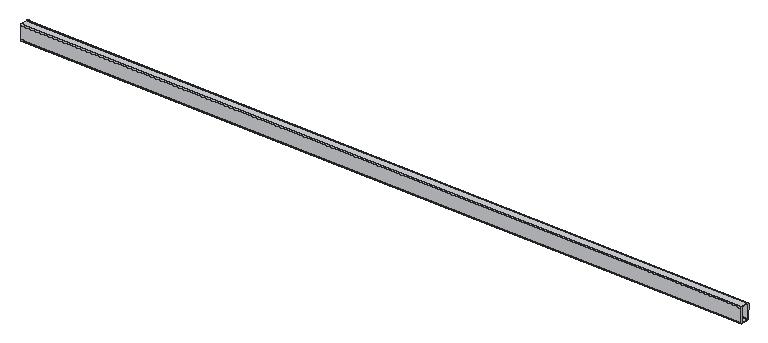
Revit family "47W1.5x2.5 Web", category Structural Framing, Revit 2020
Family settings
  Section Shape = Not Defined
  Material for Model Behavior = Steel
  Always export as geometry = No
  OmniClass Number = 23.25.30.11.14.14
  OmniClass Title = Beams
  Always vertical = Yes
  Cut with Voids When Loaded = No
  Symbolic Representation = From Family
  Shared = No
  Show family pre-cut in plan views = Yes
Parameters
  Weight lbs per ft [instance] = 1.2651
  URL = "https://www.trussteel.com/details_files/pdf/ts010.pdf"
  Total Member Weight lbs [instance] = Length / 1' 0" * Weight lbs per ft  # 12.651
  Structural Material = ASTM A500 Grade A Modified Fy 45 ksi
  Steel Design Thickness (in) [instance] = 0.049
  Model = "47W1.5x2.5"
  Manufacturer = "TrusSteel"
  Length [instance] = 10' - 0"
  Fy (ksi) [instance] = 45
  Fu (ksi) [instance] = 55
  Description = "Tube Web"
  Cross Section Area (in2) [instance] = 0.3721
  Beam Width = 0' - 1 1/2"
  Beam Height = 0' - 2 1/2"
Reference planes (in)
  plane 1 "Center (Front/Back)": y = 0
  plane 2 "Center El.": z = 0
  plane 3 "Center (Left/Right)": x = 0
  plane 4 "Left": x = -60
  plane 5 "Right": x = 60
Forms (in)
  Extrusion 1, solid
    sketch origin (0, 0, 0) x (0, 1, 0) y (0, 0, 1)
      loop
        arc (-0.603, 1.25) -> (-0.70694, 1.20694) -> (-0.75, 1.103) r 0.147
        line (-0.75, 1.103) -> (-0.75, -1.103)
        arc (-0.75, -1.103) -> (-0.70694, -1.20694) -> (-0.603, -1.25) r 0.147
        line (-0.603, -1.25) -> (0.603, -1.25)
        arc (0.603, -1.25) -> (0.70694, -1.20694) -> (0.75, -1.103) r 0.147
        line (0.75, -1.103) -> (0.75, 1.103)
        arc (0.75, 1.103) -> (0.70694, 1.20694) -> (0.603, 1.25) r 0.147
        line (0.603, 1.25) -> (-0.603, 1.25)
      loop
        arc (-0.603, 1.201) -> (-0.6723, 1.1723) -> (-0.701, 1.103) r 0.098
        line (-0.701, 1.103) -> (-0.701, -1.103)
        arc (-0.701, -1.103) -> (-0.6723, -1.1723) -> (-0.603, -1.201) r 0.098
        line (-0.603, -1.201) -> (0.603, -1.201)
        arc (0.603, -1.201) -> (0.6723, -1.1723) -> (0.701, -1.103) r 0.098
        line (0.701, -1.103) -> (0.701, 1.103)
        arc (0.701, 1.103) -> (0.6723, 1.1723) -> (0.603, 1.201) r 0.098
        line (0.603, 1.201) -> (-0.603, 1.201)
    from -60 to 60
Dimensions and locks (in)
  equal spacing: plane 4 "Left", plane 3 "Center (Left/Right)", plane 5 "Right"
  "Length": plane 4 "Left" to plane 5 "Right"
  "Beam Width": Extrusion 1 to Extrusion 1
  "Beam Height": Extrusion 1 to Extrusion 1
  aligned and locked: level to plane 2 "Center El."
  aligned and locked: Extrusion 1 to plane 5 "Right"
  aligned and locked: plane 4 "Left" to Extrusion 1
Automatic sketch dimensions
  plane 1 "Center (Front/Back)" to Extrusion 1 sketch curve = 0' - 0 3/4"
  Extrusion 1 sketch curve to Extrusion 1 sketch curve = 0' - 0.147"  (x3)
  Extrusion 1 sketch curve to plane 1 "Center (Front/Back)" = 0' - 0.603"  (x2)
  Extrusion 1 sketch curve to level = 0' - 1 1/4"
  level to Extrusion 1 sketch curve = 0' - 1.103"
  Extrusion 1 sketch curve to Extrusion 1 sketch curve = 0' - 0"  (x7)
  Extrusion 1 sketch curve to Extrusion 1 sketch curve = 0' - 0.049"
